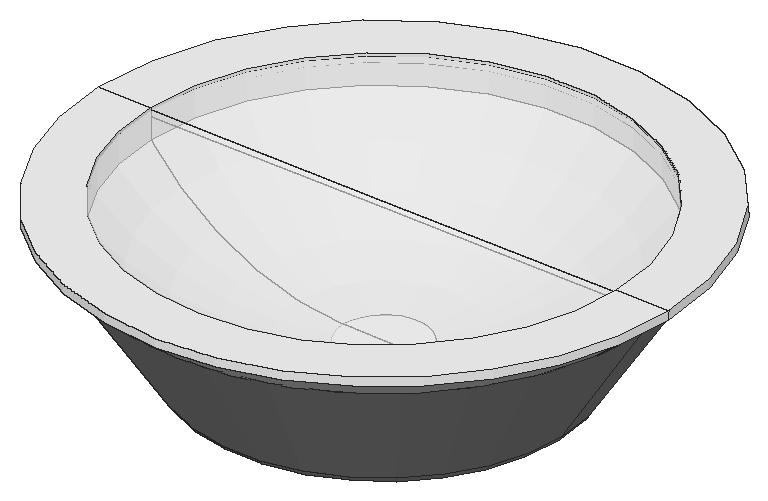
Revit family "0030305", category Lighting Fixtures, host Face, Revit 2016
Family settings
  Host = Face
  Part Type = Normal
  Round Connector Dimension = Use Diameter
  OmniClass Number = 23.80.70.00
  OmniClass Title = Lighting
  Cut with Voids When Loaded = No
  Light Source = Yes
  Shared = No
  Room Calculation Point = No
Parameters (values of type "0030305 Insaver Slim UGR19 IP44 205 2400lm 840")
  WidthBezel_SYL = if(Size1_SYL, 20 mm, if(Size2_SYL, 20 mm, if(Size3PIR_SYL, 30 mm, if(Size4_SYL, 20 mm, 20 mm))))  # 20 mm
  Weight = "8.64 kg"
  Wattage Comments = ""
  Wattage = 20 W
  WarrantyStartDate [instance] = "n/a"
  WarrantyGuarantorParts = "n/a"
  WarrantyDurationUnit = "n/a"
  WarrantyDurationParts = "n/a"
  WarrantyDescription = "n/a"
  built-in parameter 1150110 = 1 (stored number, unit not read)
  Voltage = 230 V
  VisibilityPIR_SYL = Size3PIR_SYL  # no
  URL = "http://www.sylvania-lighting.com"
  TypeName = "Insaver Slim UGR19 IP44 205 2400lm 840"
  Type Image = <None>
  Type Comments = "n/a"
  built-in parameter 1114217 = 1 (stored number, unit not read)
  Tilt Angle = -90.00°
  built-in parameter 1150109 = 1 (stored number, unit not read)
  built-in parameter 1150134 = 12
  built-in parameter 1150113 = 1 (stored number, unit not read)
  Size4_SYL = yes
  Size3PIR_SYL = no
  Size2_SYL = no
  Size1_SYL = no
  SerialNumber [instance] = "n/a"
  RadiusTop_SYL = 6 mm
  RadiusReflector_SYL = if(Size1_SYL, 85 mm, if(Size2_SYL, 85 mm, if(Size3PIR_SYL, 85 mm, if(Size4_SYL, 100 mm, 120 mm))))  # 100 mm
  Photometric Web File = "0030305.ies"
  Material_3_FEILO = Top-Sylvania-STARTDownlight
  PowerFactor = 0.9
  PowerConsumption = "20 W"
  NominalLength = 220 mm
  NominalHeight = 60 mm
  NominalDepth = 220 mm
  Name = "Insaver Slim UGR19 IP44 205 2400lm 840"
  ModelReference = Name  # "Insaver Slim UGR19 IP44 205 2400lm 840"
  ModelNumber = "0030305"
  Model = Name  # "Insaver Slim UGR19 IP44 205 2400lm 840"
  Material = "aluminium housing, na diffuser"
  ManufacturerName = "Feilo Sylvania"
  Manufacturer = "Feilo Sylvania"
  LuminousEfficacy = "120 lm/W"
  built-in parameter 1150105 = 190.99 (stored number, unit not read)
  Lumens = 2400 lm
  LuminaireType = ""
  built-in parameter 1150115 = 1 (stored number, unit not read)
  LightOutputRatio = "n/a"
  built-in parameter 1150137 = (empty or 0)
  built-in parameter 1150139 = (empty or 0)
  LampsType = Lamp  # "LED"
  LampNominalLuminous = "2400 lm"
  LampMacAdamStep = "5"
  LampColourTemperature = "4000 K"
  LampColourRenderingIndex = "80"
  built-in parameter 1150112 = 1 (stored number, unit not read)
  built-in parameter 1150114 = 1 (stored number, unit not read)
  Lamp = "LED"
  Keynote = "16500"
  InstallationDate [instance] = "n/a"
  InputVoltage = "AC 220-240 V"
  InputNominalFrequency = "50/60 Hz"
  built-in parameter 1150132 = (empty or 0)
  built-in parameter 1150102 = (empty or 0)
  built-in parameter 1150107 = 4000 (stored number, unit not read)
  built-in parameter 1150138 = (empty or 0)
  IngressProtection = "IP40/20"
  ImpactProtectionIndex = "IK07"
  built-in parameter 1150106 = 1.9099 (stored number, unit not read)
  IfcExportType = "IfcLightFixtureType"
  IfcExportAs = "IfcLightFixtureType"
  Height_SYL = if(Size1_SYL, 61 mm, if(Size2_SYL, 61 mm, if(Size3PIR_SYL, 61 mm, if(Size4_SYL, 61 mm, 60 mm))))  # 61 mm
  HeightBezel_SYL = if(Size1_SYL, 3 mm, if(Size2_SYL, 3 mm, if(Size3PIR_SYL, 3 mm, if(Size4_SYL, 3.2 mm, 3 mm))))  # 3.2 mm
  ExpectedLife = 50000
  Emit from Circle Diameter = Diameter_SYL - 40 mm  # 180 mm
  Emit Shape Visible in Rendering = no
  ElectricShockClassification = "Class II"
  built-in parameter 1150104 = 11.148 (stored number, unit not read)
  DurationUnit = "hours"
  DocumentationLiterature = "http://www.sylvania-lighting.com/product/en-int/products/0030305"
  DimmingControlOptions = "n/a"
  Material_2_FEILO = Diffuser-Sylvania-STARTDownlight
  Dimming Lamp Color Temperature Shift = <None>
  Diameter_SYL = if(Size1_SYL, 165 mm, if(Size2_SYL, 190 mm, if(Size3PIR_SYL, 211 mm, if(Size4_SYL, 220 mm, 240 mm))))  # 220 mm
  DiameterTop_SYL = if(Size1_SYL, 98 mm, if(Size2_SYL, 122 mm, if(Size3PIR_SYL, 120 mm, if(Size4_SYL, 135 mm, 158 mm))))  # 135 mm
  DiameterTopBase_SYL = DiameterRecess_SYL  # 200 mm
  DiameterRecess_SYL = if(Size1_SYL, 150 mm, if(Size2_SYL, 170 mm, if(Size3PIR_SYL, 186 mm, if(Size4_SYL, 200 mm, 225 mm))))  # 200 mm
  Description = ""
  Default Elevation = 1219.2 mm
  CreatedOn = "3/18/2019"
  CreatedBy = "@sylvania-lighting.com"
  Cost = 0
  Color Filter = 16777215
  built-in parameter 1114216 [instance] = (empty or 0)
  ClassificationValue = "EF_70_80"
  ClassificationName = "Uniclass2015"
  Material_1_FEILO = Trim-Sylvania-STARTDownlight-White
  BarCode [instance] = "n/a"
  built-in parameter 1114218 = 1 (stored number, unit not read)
  built-in parameter 1150133 = 10 (stored number, unit not read)
  AssetType = "Fixed"
  AssetIdentifier [instance] = "n/a"
  Assembly Code = "D5020200"
  Apparent Load = 20 VA
  Material_4_FEILO = LED-Sylvania-STARTDownlight
Types (2, lengths in mm): name | Wattage | Photometric Web File | PowerConsumption | LuminousEfficacy | built-in parameter 1150105 | Lumens | LampNominalLuminous | built-in parameter 1150106 | built-in parameter 1150104 | Apparent Load
  0030305 Insaver Slim UGR19 IP44 205 2400lm 840 | 20 W | "0030305.ies" | "20 W" | "120 lm/W" | 190.99 (stored number, unit not read) | 2400 lm | "2400 lm" | 1.9099 (stored number, unit not read) | 11.148 (stored number, unit not read) | 20 VA
  0030305 Insaver Slim UGR19 IP44 205 2400lm 840 Emergency mode | 23 W | "0030305EM.ies" | "23 W" | "18.88 lm/W" | 34.556 (stored number, unit not read) | 434.24 lm | "434 lm" | 0.34556 (stored number, unit not read) | 1.754 (stored number, unit not read) | 23 VA
Reference planes
  plane 1 "Center (Front/Back)": y = 0
  plane 2: z = 0
  plane 3 "Center (Left/Right)": x = 0
  plane 4: x = 110
  plane 5: x = -110
  plane 6: z = 3.2
  plane 7: z = -8
  plane 8: z = -57.8
  plane 9: x = -100
  plane 10: x = 100
  plane 11: x = -67.5
  plane 12: x = 67.5
  plane 13: z = -85
  plane 14: x = -90
  plane 15: z = 2.2
  plane 16: z = -45.8
  plane 17: x = -16
  plane 18: x = -95
  plane 19: x = -81.5
  plane 20: x = -99.5
  plane 21: x = -104
  plane 22: z = 5.7
  plane 23: z = 8.9
  plane 24: x = -103
  plane 25: z = 13.9
Forms (mm)
  Revolve 1, void
    sketch origin (0, 0, 0) x (1, 0, 0) y (0, 0, 1)
      loop
        line (0, 0) -> (-100, 0) -> (-100, -85) -> (0, -85) -> (0, 0)
      axis (0, 0) -> (0, -85)
    angle from 360 to 0
  Revolve 2, solid, material "Trim-Sylvania-STARTDownlight-White" <- "Material_1_FEILO"
    sketch origin (0, 0, 0) x (1, 0, 0) y (0, 0, 1)
      loop
        line (-90, 3.2) -> (-110, 3.2) -> (-110, 0) -> (-100, 0) -> (-100, -8) -> (-69.181, -54.568)
        arc (-69.181, -54.568) -> (-66.971, -56.929) -> (-63.857, -57.8) r 6
        line (-63.857, -57.8) -> (0, -57.8) -> (0, -45.8) -> (-16, -45.8)
        arc (-16, -45.8) -> (-57.112, -34.95) -> (-90, -8) r 100
        line (-90, -8) -> (-90, 3.2)
      axis (0, 3.2) -> (0, -57.8)
    angle from 360 to 0
  Revolve 3, solid, material "Diffuser-Sylvania-STARTDownlight" <- "Material_2_FEILO"
    sketch origin (0, 0, 0) x (1, 0, 0) y (0, 0, 1)
      loop
        line (-90, 0) -> (0, 0) -> (0, 2.2) -> (-90, 2.2) -> (-90, 0)
      axis (0, 2.2) -> (0, 0)
    angle from 360 to 0
  Revolve 4, solid, material "Trim-Sylvania-STARTDownlight-White" <- "Material_1_FEILO", visible <- "VisibilityPIR_SYL"
    sketch origin (0, 0, 0) x (1, 0, 0) y (0, 0, 1)
      loop
        line (-95, 3.2) -> (-95, 13.9)
        arc (-95, 13.9) -> (-99.717, 12.547) -> (-103, 8.9) r 8.9
        line (-103, 8.9) -> (-103, 5.7) -> (-104, 5.7) -> (-104, 3.2) -> (-95, 3.2)
      axis (-95, 13.9) -> (-95, 3.2)
    angle from 360 to 0
Dimensions and locks
  equal spacing: plane 4, plane 3 "Center (Left/Right)", plane 5
  "Diameter_SYL": plane 4 to plane 5
  equal spacing: plane 10, plane 3 "Center (Left/Right)", plane 9
  equal spacing: plane 12, plane 3 "Center (Left/Right)", plane 11
  "DiameterTop_SYL": plane 12 to plane 11
  "HeightBezel_SYL": plane 6 to plane 2
  "Height_SYL": plane 6 to plane 8
  locked: plane 2 to plane 7 at 8
  locked: plane 2 to plane 13 at 85
  "WidthBezel_SYL": plane 14 to plane 5
  locked: plane 6 to plane 15 at 1
  "DiameterRecess_SYL": plane 10 to plane 9
  locked: plane 3 "Center (Left/Right)" to plane 17 at 16
  locked: plane 16 to plane 8 at 12
  locked: plane 18 to plane 21 at 9
  locked: plane 22 to plane 6 at 2.5
  locked: plane 23 to plane 22 at 3.2
  locked: plane 18 to plane 24 at 8
  locked: plane 25 to plane 23 at 5
  locked: plane 25 to Revolve 4 sketch curve at 8.9
  locked: plane 18 to plane 5 at 15
  "RadiusReflector_SYL": radius of Revolve 2 sketch curve
  "RadiusTop_SYL": radius of Revolve 2 sketch curve
  aligned and locked: plane 2 to host face
  aligned and locked: level to host face
  aligned and locked: Revolve 1 sketch curve to plane 3 "Center (Left/Right)"
  aligned and locked: plane 3 "Center (Left/Right)" to Revolve 1 sketch curve
  aligned and locked: Revolve 1 sketch curve to plane 9
  aligned and locked: plane 13 to Revolve 1 sketch curve
  aligned and locked: plane 3 "Center (Left/Right)" to imposter light
  aligned and locked: imposter light to plane 15
  aligned and locked: imposter light to plane 1 "Center (Front/Back)"
  aligned and locked: Revolve 2 sketch curve to plane 3 "Center (Left/Right)"
  aligned and locked: Revolve 2 sketch curve to plane 6
  aligned and locked: Revolve 2 sketch curve to plane 5
  aligned and locked: Revolve 2 sketch curve to level
  aligned and locked: plane 7 to Revolve 2 sketch curve  (x2)
  aligned and locked: Revolve 2 sketch curve to plane 9
  aligned and locked: plane 8 to Revolve 2 sketch curve
  aligned and locked: Revolve 2 sketch curve to plane 14
  aligned and locked: plane 3 "Center (Left/Right)" to Revolve 2 sketch curve
  aligned and locked: Revolve 2 sketch curve to plane 16
  aligned and locked: Revolve 3 sketch curve to plane 3 "Center (Left/Right)"
  aligned and locked: Revolve 3 sketch curve to level
  aligned and locked: imposter light to Revolve 3 sketch curve  (x2)
  aligned and locked: Revolve 4 sketch curve to plane 18  (x2)
  aligned and locked: Revolve 4 sketch curve to plane 6
  aligned and locked: plane 22 to Revolve 4 sketch curve
  aligned and locked: plane 24 to Revolve 4 sketch curve
  aligned and locked: Revolve 4 sketch curve to Revolve 4 sketch curve
  aligned and locked: plane 21 to Revolve 4 sketch curve
Automatic sketch dimensions
  host sketch curve to host sketch curve = 2438.4 mm  (x2)
  plane 13 to Revolve 1 sketch curve = 524.6 mm
  Revolve 1 sketch curve to plane 6 = 2606.058 mm
  Revolve 1 sketch curve to level = 0 mm
  Revolve 2 sketch curve to plane 17 = 0 mm
  Revolve 2 sketch curve to plane 11 = 1.681 mm
  plane 11 to Revolve 2 sketch curve = 3.643 mm
  plane 13 to Revolve 2 sketch curve = 524.6 mm
  Revolve 2 sketch curve to Revolve 2 sketch curve = 2577.983 mm
  Revolve 3 sketch curve to plane 14 = 0 mm
  plane 13 to Revolve 3 sketch curve = 524.6 mm
  Revolve 3 sketch curve to plane 6 = 2606.058 mm
  Revolve 4 sketch curve to plane 23 = 0 mm
  plane 13 to Revolve 4 sketch curve = 524.6 mm
  Revolve 4 sketch curve to Revolve 4 sketch curve = 2595.358 mm
Connectors
  electrical at (0, 0, 0), driven by "Apparent Load", driven by "PowerFactor", driven by "Voltage"
    settings: index 1, voltage 230 V, apparent load 20 VA, apparent load phase1 0 VA, apparent load phase2 0 VA, apparent load phase3 0 VA, power factor 0.9, load classification "Lighting", number of poles 1, system type 30, power factor state 1, is connector primary yes, connector utility no, sub classification motor no, connector description ""
